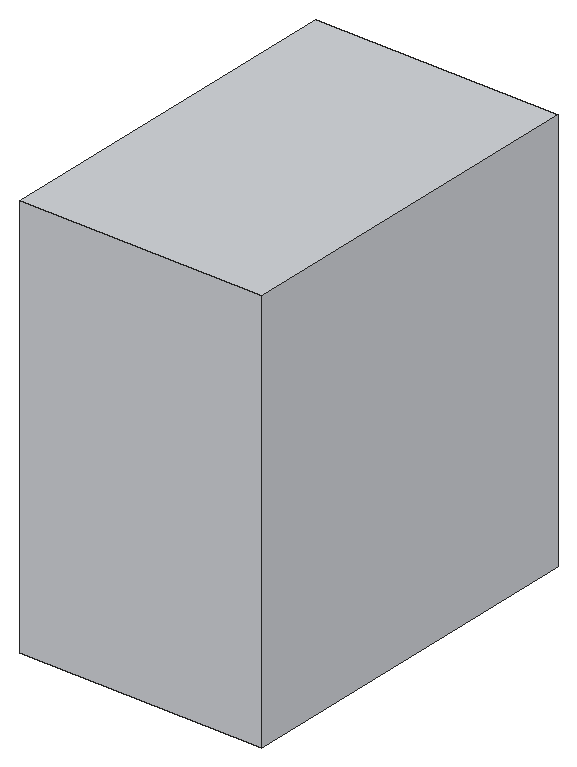
Revit family
Parameters
  Warranty Duration (Years) = 0
  Unit Width [instance] = 1' - 4 1/16"
  Unit Height [instance] = 3' - 5 1/4"
  Unit Depth = 0' - 0 1/2"
  URL = "http://www.americanspecialties.com/viewCategories.cfm"
  Trim Material = Metal - Stainless Steel
  Test Data = ""
  Specification = "http://www.arcat.com/sdspecs/htm/10810asi.htm"
  SpecWizard = ""
  Send Message = "http://www.arcat.com/users.pl?action=UserEmail&company=American%20Specialties,%20Inc.&coid=30448&rep=139&fax=914-476-0688&mf="
  Sales Information = "http://www.americanspecialties.com/contact"
  Revision = "R1_10-2010"
  Product Properties = "http://www.americanspecialties.com/datasheets/64696A-6.pdf"
  Product Data = "http://www.arcat.com/arcatcos/cos30/arc30448.html"
  Model = "As Specified in 10 28 13"
  Manufacturer Website = "http://www.americanspecialties.com/viewCategories.cfm"
  Manufacturer Phone - Toll Free = ""
  Manufacturer Phone = "914-476-9000 "
  Manufacturer Fax = "914-476-0688"
  Manufacturer Address = "441 Saw Mill River Rd., Yonkers, NY 10701"
  Manufacturer = "American Specialties, Inc."
  Maintenance Schedule (Months) = 0
  Keynote = "10 28 13"
  Installation-Fabrication = "http://www.americanspecialties.com/products.cfm"
  Green Building-LEED = ""
  Expected Lifespan (Years) = 0
  Drawn By = "Robert S. Weygant. CSI, CDT, SCIP"  # constant formula
  Description = "Toilet Accessory as Specified in 10 28 13"
  Default Elevation = 4' - 0"
  Copyright = "©Arcat Inc."
  Construction Details = "http://www.arcat.com/green/clients/leed_data_30448.html"
  Building Codes = "http://www.americanspecialties.com/products.cfm"
  Body Material = Metal - Stainless Steel
  Assembly Code = "C1030210"
Reference planes (in)
  plane 1 "Center (Front/Back)": y = -0.29112
  plane 2 "Floor Line": z = 0
  plane 3 "Center (Left/Right)": x = -0.65843
Forms (in)
  Extrusion 1, solid
    sketch origin (-3, -9, -6) x (0, 0, -1) y (1, 0, 0)
      loop
        line (-82, 26) -> (-82, -19.34712) -> (-6, -19.34712) -> (-6, 26) -> (-82, 26)
    from 28.29112 to -41.06337
  Extrusion 2, solid, material "Metal - Stainless Steel" <- "Body Material"
    sketch origin (0, 0, 6) x (1, 0, 0) y (0, 1, 0)
      loop
        line (-7.68968, 19.33388) -> (-7.68968, -19.91612) -> (6.37282, -19.91612) -> (6.37282, 19.33388) -> (-7.68968, 19.33388)
    from 0 to -9.125
  Extrusion 3, solid, material "Metal - Stainless Steel" <- "Body Material"
    sketch origin (-0.90625, -0.29112, 6) x (1, 0, 0) y (0, 0, 1)
      loop
        line (-7.78343, 0) -> (8.27907, 0) -> (8.27907, 0.5) -> (-7.78343, 0.5) -> (-7.78343, 0)
    from -20.625 to 20.625
  Extrusion 4, solid, material "Metal - Stainless Steel" <- "Trim Material"
    sketch origin (0, 0, 5.5625) x (1, 0, 0) y (0, 1, 0)
      loop
        circle (5.37282, 11.83388) r 0.5
      loop
        line (5.316, 11.41524) -> (5.42963, 11.41524) -> (5.42963, 12.26475) -> (5.316, 12.26475) -> (5.316, 11.41524)
      loop
        circle (5.37282, -12.41612) r 0.5
      loop
        line (5.316, -11.99747) -> (5.316, -12.84698) -> (5.42963, -12.84698) -> (5.42963, -11.99747) -> (5.316, -11.99747)
    from 0.9375 to 1
  Extrusion 5, void
    sketch origin (-0.65843, 0, 6) x (0, 1, 0) y (0, 0, 1)
      loop
        line (6.70888, 0.5) -> (-1.79112, 0.5) -> (-1.79112, -8.72533) -> (6.70888, -8.72533) -> (6.70888, 0.5)
    from -6.03125 to 6.03125
  Extrusion 6, solid, material "Metal - Stainless Steel" <- "Body Material"
    sketch origin (0, 0, 6) x (1, 0, 0) y (0, 1, 0)
      loop
        line (-6.68968, 6.70888) -> (-6.68968, 4.20888) -> (5.37282, 4.20888) -> (5.37282, 6.70888) -> (4.87282, 6.70888) -> (4.41108, 4.70888) -> (-5.72795, 4.70888) -> (-6.18968, 6.70888) -> (-6.68968, 6.70888)
    from 0 to -8.72533
  Extrusion 7, solid, material "Metal - Stainless Steel" <- "Body Material"
    sketch origin (0, 0, 0) x (1, 0, 0) y (0, 1, 0)
      loop
        line (-8.68968, 20.33388) -> (-8.68968, -20.91612) -> (7.37282, -20.91612) -> (7.37282, 20.33388) -> (-8.68968, 20.33388)
      loop
        line (-7.68968, 19.33388) -> (-7.68968, -19.91612) -> (6.37282, -19.91612) -> (6.37282, 19.33388) -> (-7.68968, 19.33388)
    from 0 to 6
  Extrusion 8, solid, material "Metal - Stainless Steel" <- "Body Material"
    sketch origin (0, 0, 0) x (1, 0, 0) y (0, 1, 0)
      loop
        line (-6.68968, 6.70888) -> (-6.68968, 4.20888) -> (5.37282, 4.20888) -> (5.37282, 6.70888) -> (4.87282, 6.70888) -> (4.41108, 4.70888) -> (-5.72795, 4.70888) -> (-6.18968, 6.70888) -> (-6.68968, 6.70888)
    from 0 to 6
  Extrusion 9, void
    sketch origin (0, 0, 0) x (1, 0, 0) y (0, 1, 0)
      loop
        line (-7.68968, 19.33388) -> (-7.68968, -19.91612) -> (6.37282, -19.91612) -> (6.37282, 19.33388) -> (-7.68968, 19.33388)
    from 0 to -3.125
Cuts and joins
  Extrusion 5 cuts Extrusion 2
  Extrusion 5 cuts Extrusion 3
  Extrusion 5 cuts Extrusion 4
  Extrusion 5 cuts Extrusion 6
Dimensions and locks (in)
  Extrusion 3 sketch curve to Extrusion 3 sketch curve = 1' - 4 1/16"
  Extrusion 3 sketch curve to Extrusion 3 sketch curve = 0' - 0 1/2"
  aligned and locked: Extrusion 1 to level
  aligned and locked: Extrusion 7 to cut or joined group of Extrusion 2, Extrusion 5
